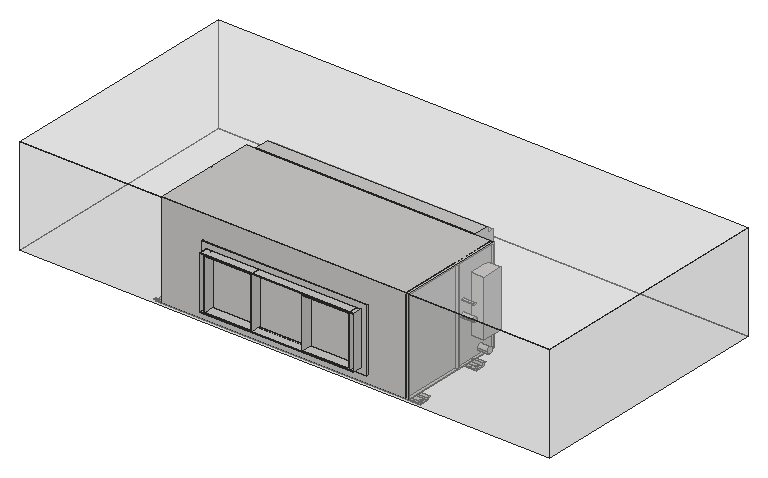
Revit family "outputfile", category 機械設備, Revit 2024
Family settings
  丸型コネクタ寸法 = 半径を使用
  パーツ タイプ = 標準
  OmniClass 番号 = 23.75.10.24.21.27.27
  OmniClass タイトル = Split System Air Conditioning Units
  作業面ベース = いいえ
  常に垂直 = はい
  ロード時にボイドで切り取り = いいえ
  注釈の向きを維持 = いいえ
  共有 = いいえ
  部屋計算ポイント = はい
Parameters (values of type "FDN100HVL")
  Description = ""
  書き出し IFC クラス(タイプ) = "IfcUnitaryEquipmentType"
  定義済み IFC タイプ(タイプ) = "AIRCONDITIONINGUNIT"
  Cost = 0
  Type Comments = ""
  Keynote = ""
  Type Image = (empty or 0)
  Assembly Code = ""
  switch_frequency = yes
  lw_power = 740 mm
  lw_box = 55 mm
  lw_RA = 671 mm
  lh_height_SA = 298 mm
  lh_ld_mountinghole_height = 15 mm
  lh_height_RA = 443 mm
  lh_hangerfixture = 15 mm
  lh_box_top = 99 mm
  lh_box = 316 mm
  lh_SA = 240 mm
  lh_RA = 301.5 mm
  ld_depth_SA = 60 mm
  ld_depth_RA = 127 mm
  ld_box_left = 462.5 mm
  ld_box = 117.5 mm
  connector_voltage = Voltage_60Hz  # 220 V
  connector_powerinput = [Power Input (Cooling)]  # 10.200 kW
  connector_phase = Phase_60Hz  # 1
  URL = ""
  Supply Air Direction [instance] = yes
  製造元 = "Daikin"
  モデル = "FDN100HVL"
  w_pipe = 33 mm
  r_Liquid Pipe Size = Liquid Pipe Size / 2  # 6.35 mm
  r_Gas Pipe Size = Gas Pipe Size / 2  # 12.7 mm
  r_Drain Pipe Size = Drain Pipe Size / 2  # 17.0 mm
  lw_powersupply = 897 mm
  lw_width_RA = 1242 mm
  lw_width_SA = 876 mm
  lh_suctionflange [instance] = 100 mm
  ld_suctionflange [instance] = 190 mm
  ld_powersupply = 220.5 mm
  angle_vertical_RA [instance] = 90.00°
  angle horizontal_RA [instance] = 180.00°
  Voltage_comment_60Hz = "220"
  Voltage_60Hz = 220 V
  Sound Power Level_H speed (dB) = 0
  Phase_60Hz = 1
  Minimum External Static Pressure = 70.00 Pa
  Minimum Circuit Amps_60Hz = 0.0 A
  Maximum Fuse Amps_60Hz = 0.0 A
  Maximum External Static Pressure = 100.00 Pa
  Material_Casing = DAIKIN_GalvanizedSteel_Casing_indoorunit
  lw_liquidpipe = 751 mm
  lw_gaspipe = 751 mm
  lw_mountinghole_pitch = 1462 mm
  lw_mountinghole = 1502 mm
  lw_drainpipe = 741 mm
  lh_powersupply = 138 mm
  lh_liquidpipe = 344 mm
  lh_gaspipe = 264 mm
  lh_mountinghole = 9 mm
  lh_drainpipe = 51 mm
  lh_antena = 1 mm
  ld_liquidpipe = 102.5 mm
  ld_gaspipe = 102.5 mm
  ld_mountinghole_pitch = 394 mm
  ld_drainpipe = 220.5 mm
  ld_controlbox = 626 mm
  h*** = 0 mm  # constant formula
  d_dischargeflange = ld_depth_SA  # 60 mm
  Width = 1402 mm
  Version = "ver.1.0"
  Unit Type = "Duct"
  Unit Mass Weight = 85.00 kg
  Unit Designation [instance] = ""
  Uniclass2015Version = "Products v1.30"
  Uniclass2015Title = "Split coil room air conditioning units"
  Uniclass2015Code = "Pr_70_65_03_86"
  Total Cooling Capacity [instance] = 0.000 kW
  Sound Pressure Level_M speed (dBA) = 54
  Sound Pressure Level_L speed (dBA) = 53
  Sound Pressure Level_H speed (dBA) = 55
  Series = "Package Aircon_Fan Coil Unit"
  Sensible Cooling Capacity [instance] = 0.000 kW
  SA Duct Size Width = 876 mm
  SA Duct Size Height = 298 mm
  Refrigerant Type = "R410A"
  RA Duct Size Width = 1242 mm
  RA Duct Size Height = 443 mm
  Power Input (Cooling) = 10.200 kW
  Option Accessory 3 [instance] = ""
  Option Accessory 2 [instance] = ""
  Option Accessory 1 [instance] = ""
  Nominal Cooling Capacity = 29.308 kW
  Minimum Airflow = 4163.00 m³/h
  Median Airflow = 4757.00 m³/h
  Maximum Airflow = 5097.00 m³/h
  Load Classification = HVAC
  Liquid Pipe Size = 12.7 mm
  Link_Nested Family [instance] = ""
  IfcVersion = ""
  IfcExportType = "AIRCONDITIONINGUNIT"
  IfcExportAs = "IfcUnitaryEquipmentType"
  Height = 553 mm
  Heat Exchanger Type = "Cross Fin Coil"
  Gas Pipe Size = 25.4 mm
  Frequency_60Hz = 60 Hz
  Fan Type = "Sirocco Fan"
  Fan Drive = "-"
  FCU Tag No. [instance] = ""
  Drain Pipe Size = 34.0 mm
  Design Supply Airflow [instance] = 0.00 m³/h
  Design Return Airflow [instance] = 0.00 m³/h
  Design External Static Pressure [instance] = 0.00 Pa
  Depth = 605 mm
  既定の高さ = 0 mm
  Cooling Entering Wet Bulb Temperature [instance] = 0.00 °C
  Cooling Entering Dry Bulb Temperature [instance] = 0.00 °C
  Cooling Ambient Wet Bulb Temperature [instance] = 0.00 °C
  Cooling Ambient Dry Bulb Temperature [instance] = 0.00 °C
  Clearance visibility [instance] = yes
  Clearance Top = 0 mm
  Clearance Right = 800 mm
  Clearance Rear = 800 mm
  Clearance Left = 800 mm
  Clearance Front = 0 mm
  Clearance Bottom = 0 mm
Reference planes
  plane 1 "Center (Front/Back)": y = 0
  plane 2: z = 0
  plane 3 "Center (Left/Right)": x = 0
  plane 4 "Back": y = 302.5
  plane 5 "Front": y = -302.5
  plane 6 "Left": x = -701
  plane 7 "Right": x = 701
  plane 8 "Top": z = 0
  plane 9 "Bottom": z = -553
  plane 10: z = -209
  plane 11: z = -289
  plane 12: x = -731
  plane 13: x = 731
  plane 14: x = 751
  plane 15: x = 751
  plane 16: z = -544
  plane 17 "Clearance Left": x = -1501
  plane 18 "Clearance Right": x = 1501
  plane 19 "Clearance Rear": y = 1102.5
  plane 20 "Clearance Front": y = -302.5
  plane 21 "Clearance Bottom": z = -553
  plane 22: z = -502
  plane 23 "ld_gas": y = 102.5
  plane 24: y = 102.5
  plane 25: y = -30
  plane 26: y = 220.5
  plane 27: y = 112.5
  plane 28: x = 741
  plane 29: y = 139.5
  plane 30: y = -254.5
  plane 31: y = -362.5
  plane 32: y = 429.5
  plane 33 "Clearance Top": z = 0
  plane 34: z = -415
  plane 35: y = 220.5
  plane 36 "hangerfixture": z = -538
  plane 37 "lh_SA": z = -313
  plane 38 "lh_RA": z = -251.5
  plane 39 "RA_center": x = -30
  plane 40: x = 680
  plane 41: x = 756
  plane 42: y = 160
  plane 43: y = 180
  plane 44: y = 257.5
  plane 45: y = 277.5
  plane 46 "box_bottom": z = -415
  plane 47 "box_top": z = -99
  plane 48 "lw_power": x = 740
  plane 49: y = -300.7
  plane 50: z = -2.3
  plane 51: z = -536.7
  plane 52: y = 301.5
  plane 53: y = -300.7
  plane 54: z = -2.3
  plane 55: z = -536.7
  plane 56: y = 301.5
Forms (mm)
  Extrusion 1, solid, material "DAIKIN_GalvanizedSteel_Casing_indoorunit" <- "Material_Casing"
    sketch origin (0, -0.8, 0) x (1, 0, 0) y (0, 1, 0)
      loop
        line (-701, -301.7) -> (701, -301.7) -> (701, 303.3) -> (-701, 303.3) -> (-701, -301.7)
    from -538 to 0
  Revolve 2, solid, material "DAIKIN_GalvanizedSteel_Casing_indoorunit" <- "Material_Casing"
    sketch origin (0, 0, -289) x (0, -1, 0) y (1, 0, 0)
      loop
        line (-89.8, 681.5) -> (-89.8, 751) -> (-102.5, 751) -> (-102.5, 681.5) -> (-89.8, 681.5)
      axis (-102.5, 681.5) -> (-102.5, 751)
    angle from 0 to 360
  Revolve 3, solid, material "DAIKIN_GalvanizedSteel_Casing_indoorunit" <- "Material_Casing"
    sketch origin (0, 0, -209) x (0, -1, 0) y (1, 0, 0)
      loop
        line (-102.5, 681.5) -> (-102.5, 751) -> (-108.85, 751) -> (-108.85, 681.5) -> (-102.5, 681.5)
      axis (-102.5, 751) -> (-102.5, 681.5)
    angle from 0 to 360
  Extrusion 4, solid, material "DAIKIN_GalvanizedSteel_Casing_indoorunit" <- "Material_Casing"
    sketch origin (0, 0, 0) x (0, 1, 0) y (0, 0, 1)
      loop
        circle (220.5, -502) r 17
    from 741 to 681.5
  Extrusion 5, solid, material "DAIKIN_GalvanizedSteel_Casing_indoorunit" <- "Material_Casing"
    sketch origin (0, 0, 0) x (1, 0, 0) y (0, 1, 0)
      loop
        line (680, 160) -> (756, 160) -> (756, 277.5) -> (680, 277.5) -> (680, 160)
    from -415 to -99
  Extrusion 6, void
    sketch origin (701, 0, 0) x (0, 1, 0) y (0, 0, 1)
      loop
        line (-300.7, -2.3) -> (-300.7, -536.7) -> (50.7, -536.7) -> (50.7, -2.3) -> (-300.7, -2.3)
      loop
        line (301.5, -536.7) -> (301.5, -2.3) -> (52.5, -2.3) -> (52.5, -536.7) -> (301.5, -536.7)
    from 0 to -19.5
  Extrusion 7, void
    sketch origin (-701, 0, 0) x (0, 1, 0) y (0, 0, 1)
      loop
        line (-300.7, -2.3) -> (-300.7, -536.7) -> (50.7, -536.7) -> (50.7, -2.3) -> (-300.7, -2.3)
      loop
        line (301.5, -536.7) -> (301.5, -2.3) -> (52.5, -2.3) -> (52.5, -536.7) -> (301.5, -536.7)
    from 0 to 19.5
Cuts and joins
  Extrusion 6, Extrusion 7 cuts Extrusion 1
  Extrusion 7 cuts Extrusion 5
  joined: Extrusion 1, Extrusion 5
Dimensions and locks
  equal spacing: plane 12, plane 3 "Center (Left/Right)", plane 13
  "lw_mountinghole_pitch": plane 12 to plane 13
  "lh_liquidpipe": plane 10 to plane 9 "Bottom"
  "lh_gaspipe": plane 11 to plane 9 "Bottom"
  equal spacing: plane 6 "Left", plane 3 "Center (Left/Right)", plane 7 "Right"
  "Width": plane 6 "Left" to plane 7 "Right"
  "Clearance Right": plane 7 "Right" to plane 18 "Clearance Right"
  "Clearance Left": plane 17 "Clearance Left" to plane 6 "Left"
  "Clearance Rear": plane 19 "Clearance Rear" to plane 4 "Back"
  "Clearance Front": plane 5 "Front" to plane 20 "Clearance Front"
  "Depth": plane 4 "Back" to plane 5 "Front"
  equal spacing: plane 4 "Back", plane 1 "Center (Front/Back)", plane 5 "Front"
  "ld_suctionflange": plane 4 "Back" to plane 27
  "r_Liquid Pipe Size": nested 5 to Revolve 3 sketch curve
  "ld_mountinghole_pitch": plane 29 to plane 30
  "lw_liquidpipe": plane 3 "Center (Left/Right)" to plane 14
  "lw_gaspipe": plane 3 "Center (Left/Right)" to plane 15
  "lw_drainpipe": plane 3 "Center (Left/Right)" to plane 28
  "lh_drainpipe": plane 22 to plane 9 "Bottom"
  "Clearance Top": plane 33 "Clearance Top" to plane 8 "Top"
  "Clearance Bottom": plane 9 "Bottom" to plane 21 "Clearance Bottom"
  "lh_powersupply": plane 34 to plane 9 "Bottom"
  level to plane 8 "Top" = 0 mm
  "lh_hangerfixture": plane 36 "hangerfixture" to plane 9 "Bottom"
  "lh_SA": plane 37 "lh_SA" to plane 9 "Bottom"
  "ld_depth_SA": plane 5 "Front" to plane 31
  "ld_depth_RA": plane 32 to plane 4 "Back"
  "lh_RA": plane 38 "lh_RA" to plane 9 "Bottom"
  "lw_RA": plane 6 "Left" to plane 39 "RA_center"
  "ld_box_left": plane 42 to plane 5 "Front"
  "ld_box": plane 45 to plane 42
  locked: plane 43 to plane 42 at 20
  locked: plane 45 to plane 44 at 20
  "lw_box": plane 7 "Right" to plane 41
  "lh_box": plane 47 "box_top" to plane 46 "box_bottom"
  "lw_power": plane 3 "Center (Left/Right)" to plane 48 "lw_power"
  "ld_drainpipe": plane 26 to plane 1 "Center (Front/Back)"
  "ld_gaspipe": plane 23 "ld_gas" to plane 1 "Center (Front/Back)"
  "r_Gas Pipe Size": plane 23 "ld_gas" to Revolve 2 sketch curve
  "ld_liquidpipe": plane 24 to plane 1 "Center (Front/Back)"
  plane 30 to plane 1 "Center (Front/Back)" = 254.5 mm
  locked: plane 40 to plane 7 "Right" at 21
  plane 5 "Front" to plane 49 = 1.8 mm
  plane 8 "Top" to plane 50 = 2.3 mm
  plane 36 "hangerfixture" to plane 51 = 1.3 mm
  plane 52 to plane 4 "Back" = 1 mm
  "ld_powersupply": plane 35 to plane 1 "Center (Front/Back)"
  "lh_mountinghole": plane 16 to plane 9 "Bottom"
  "lh_box_top": plane 8 "Top" to plane 47 "box_top"
  "Height": plane 8 "Top" to plane 9 "Bottom"
  "r_Drain Pipe Size": radius of Extrusion 4 sketch curve
  aligned and locked: level to plane 2
  aligned and locked: plane 8 "Top" to Extrusion 1
  aligned and locked: Revolve 2 sketch curve to Revolve 2 sketch curve
  aligned and locked: plane 14 to nested 5
  aligned and locked: nested 5 to plane 10
  aligned and locked: plane 13 to nested 2
  aligned and locked: plane 12 to nested 3
  aligned and locked: plane 12 to nested 4
  aligned and locked: nested 6 to plane 11
  aligned and locked: plane 23 "ld_gas" to nested 6
  aligned and locked: plane 24 to nested 5
  aligned and locked: Extrusion 4 sketch curve to plane 26
  aligned and locked: nested 11 to plane 19 "Clearance Rear"
  aligned and locked: plane 18 "Clearance Right" to nested 11
  aligned and locked: plane 17 "Clearance Left" to nested 11
  aligned and locked: nested 11 to plane 20 "Clearance Front"
  aligned and locked: plane 28 to Extrusion 4
  aligned and locked: plane 15 to nested 6
  aligned and locked: plane 13 to nested 1
  aligned and locked: plane 26 to nested 7
  aligned and locked: nested 7 to plane 22
  aligned and locked: nested 7 to plane 28
  aligned and locked: nested 9 to plane 1 "Center (Front/Back)"
  aligned and locked: plane 3 "Center (Left/Right)" to nested 9
  aligned and locked: plane 29 to nested 1
  aligned and locked: plane 30 to nested 2
  aligned and locked: nested 4 to plane 29
  aligned and locked: nested 3 to plane 30
  aligned and locked: nested 10 to plane 4 "Back"
  aligned and locked: nested 8 to plane 31
  aligned and locked: plane 32 to nested 14
  aligned and locked: plane 3 "Center (Left/Right)" to nested 13
  aligned and locked: nested 11 to plane 33 "Clearance Top"
  aligned and locked: nested 11 to plane 21 "Clearance Bottom"
  aligned and locked: nested 12 to plane 9 "Bottom"
  aligned and locked: plane 36 "hangerfixture" to Extrusion 1
  aligned and locked: plane 37 "lh_SA" to nested 8
  aligned and locked: Extrusion 1 to plane 5 "Front"
  aligned and locked: nested 13 to plane 31
  aligned and locked: plane 37 "lh_SA" to nested 13
  aligned and locked: Extrusion 1 to plane 4 "Back"
  aligned and locked: plane 38 "lh_RA" to nested 10
  aligned and locked: nested 14 to plane 38 "lh_RA"
  aligned and locked: plane 39 "RA_center" to nested 10
  aligned and locked: nested 14 to plane 39 "RA_center"
  aligned and locked: plane 45 to Extrusion 5 sketch curve
  aligned and locked: plane 41 to Extrusion 5 sketch curve
  aligned and locked: Extrusion 5 sketch curve to plane 42
  aligned and locked: plane 47 "box_top" to Extrusion 5
  aligned and locked: Extrusion 5 to plane 46 "box_bottom"
  aligned and locked: plane 14 to nested 16
  aligned and locked: nested 6 to plane 15
  aligned and locked: nested 15 to plane 35
  aligned and locked: Revolve 2 sketch curve to plane 23 "ld_gas"
  aligned and locked: plane 23 "ld_gas" to nested 17
  aligned and locked: plane 24 to nested 16
  aligned and locked: nested 12 to plane 30
  aligned and locked: Extrusion 5 sketch curve to plane 40
  aligned and locked: Extrusion 6 sketch curve to plane 50
  aligned and locked: Extrusion 6 sketch curve to plane 49
  aligned and locked: Extrusion 6 sketch curve to plane 51
  aligned and locked: Extrusion 6 sketch curve to plane 52
  aligned and locked: Extrusion 7 sketch curve to plane 54
  aligned and locked: Extrusion 7 sketch curve to plane 53
  aligned and locked: Extrusion 7 sketch curve to plane 55
  aligned and locked: Extrusion 7 sketch curve to plane 56
  aligned and locked: cut or joined group of Extrusion 1, Extrusion 5, Extrusion 6, Extrusion 7 to Revolve 3
  aligned and locked: Revolve 2 to cut or joined group of Extrusion 1, Extrusion 5, Extrusion 6, Extrusion 7
  aligned and locked: Extrusion 4 to Revolve 2
  aligned and locked: nested 15 to plane 48 "lw_power"
  aligned and locked: nested 15 to plane 34
  aligned and locked: level to plane 8 "Top"
  aligned and locked: plane 55 to cut or joined group of Extrusion 1, Extrusion 5, Extrusion 6, Extrusion 7
  aligned and locked: plane 54 to cut or joined group of Extrusion 1, Extrusion 5, Extrusion 6, Extrusion 7
Automatic sketch dimensions
  Extrusion 1 sketch curve to plane 4 "Back" = 0 mm
  Extrusion 1 sketch curve to plane 6 "Left" = 0 mm
  Extrusion 1 sketch curve to plane 5 "Front" = 0 mm
  Extrusion 1 sketch curve to plane 7 "Right" = 0 mm
  Revolve 3 sketch curve to plane 23 "ld_gas" = 0 mm  (x2)
  Revolve 3 sketch curve to plane 14 = 0 mm  (x2)
  Revolve 3 sketch curve to Revolve 3 sketch curve = 69.5 mm
  Revolve 3 sketch curve to Revolve 3 sketch curve = 22 mm
  Extrusion 4 sketch curve to plane 22 = 0 mm
  plane 51 to Extrusion 6 sketch curve = 0 mm
  Extrusion 6 sketch curve to plane 50 = 0 mm
  Extrusion 6 sketch curve to plane 1 "Center (Front/Back)" = 50.7 mm
  Extrusion 6 sketch curve to Extrusion 6 sketch curve = 1.8 mm
  plane 55 to Extrusion 7 sketch curve = 0 mm
  Extrusion 7 sketch curve to plane 54 = 0 mm
  Extrusion 7 sketch curve to plane 1 "Center (Front/Back)" = 50.7 mm
  Extrusion 7 sketch curve to Extrusion 7 sketch curve = 1.8 mm
  Revolve 2 sketch curve to plane 14 = 0 mm
  Revolve 2 sketch curve to plane 7 "Right" = 19.5 mm
  plane 7 "Right" to Revolve 2 sketch curve = 2.003 mm
  plane 14 to Revolve 2 sketch curve = 1.003 mm
Nested families
  nested 1: "daikin_mountinghole" at (731, 139.5, -553), Link_Nested Family <- "Link_Nested Family", h_mountinghole <- "lh_mountinghole", l_antenna <- "lh_antena", type "daikin_mountinghole"
    with show yes, l_antenna 1 mm, h_mountinghole 9 mm, Link_Nested Family "", d_circle 23 mm
  nested 2: "daikin_mountinghole" at (731, -254.5, -553), Link_Nested Family <- "Link_Nested Family", h_mountinghole <- "lh_mountinghole", l_antenna <- "lh_antena", type "daikin_mountinghole"
    with show yes, l_antenna 1 mm, h_mountinghole 9 mm, Link_Nested Family "", d_circle 23 mm
  nested 3: "daikin_mountinghole" at (-731, -254.5, -553), Link_Nested Family <- "Link_Nested Family", h_mountinghole <- "lh_mountinghole", l_antenna <- "lh_antena", type "daikin_mountinghole"
    with show yes, l_antenna 1 mm, h_mountinghole 9 mm, Link_Nested Family "", d_circle 23 mm
  nested 4: "daikin_mountinghole" at (-731, 139.5, -553), Link_Nested Family <- "Link_Nested Family", h_mountinghole <- "lh_mountinghole", l_antenna <- "lh_antena", type "daikin_mountinghole"
    with show yes, l_antenna 1 mm, h_mountinghole 9 mm, Link_Nested Family "", d_circle 23 mm
  nested 5: "daikin_connector_rotate2" at (0, 102.5, -209) x (0, 1, 0) z (0, 0, 1), length <- "lw_liquidpipe", built-in parameter 1001364 <- "lh_liquidpipe", radius <- "r_Liquid Pipe Size", type "daikin_connector_rotate2"
    with radius 6.35 mm, length 751 mm, angle_vertical 90.00°
  nested 6: "daikin_connector_rotate2" at (0, 102.5, -289) x (0, 1, 0) z (0, 0, 1), length <- "lw_gaspipe", built-in parameter 1001364 <- "lh_gaspipe", radius <- "r_Gas Pipe Size", type "daikin_connector_rotate2"
    with radius 12.7 mm, length 751 mm, angle_vertical 90.00°
  nested 7: "daikin_connector_rotate2" at (0, 220.5, -502) x (0, 1, 0) z (0, 0, 1), built-in parameter 1001364 <- "lh_drainpipe", length <- "lw_drainpipe", radius <- "r_Drain Pipe Size", type "daikin_connector_rotate2"
    with radius 17 mm, length 741 mm, angle_vertical 90.00°
  nested 8: "daikin_connector_rotate2" at (0, -302.5, -313), length <- "d_dischargeflange", type "daikin_connector_rotate2"
    with radius 10 mm, length 60 mm, angle_vertical 90.00°
  nested 9: "daikin_△_symbolicline" at (-75, -129.904, 553) x (-0.5, 0.866, 0) z (0, 0, 1), built-in parameter 1001364 <- "Height", visible <- "Supply Air Direction", type "daikin_△_symbolicline"
    with length 300 mm
  nested 10: "daikin_ductflange_FDN-HVL" at (-30, 302.5, -251.5), material <- "Material_Casing", width <- "lw_width_RA", height <- "lh_height_RA", depth <- "ld_depth_RA", type "daikin_ductflange_FDN-HVL"
    with width 1242 mm, material DAIKIN_GalvanizedSteel_Casing_indoorunit, height 443 mm, depth 127 mm
  nested 11: "daikin_clearancespace" at (0, 400, -276.381), visible <- "Clearance visibility", show <- "Clearance visibility", Link_Nested Family <- "Link_Nested Family", type "daikin_clearancespace"
    with width 3002 mm, show yes, height 553 mm, depth 1405 mm, Link_Nested Family ""
  nested 12: "daikin_hangerfixture_FDN-HVL" at (0, -57.5, -553), type "daikin_hangerfixture_FDN-HVL"
  nested 13: "daikin_ductflange_FDN-HVL_1" at (0, -302.5, -502.401), width <- "lw_width_SA", material <- "Material_Casing", height <- "lh_height_SA", depth <- "ld_depth_SA", type "daikin_ductflange_FDN-HVL_1"
    with width 876 mm, t 0.8 mm, material DAIKIN_GalvanizedSteel_Casing_indoorunit, height 298 mm, depth 60 mm
  nested 14: "daikin_connector_rotate2" at (-30, 302.5, -251.5) x (-1, 0, 0) z (0, 0, 1), length <- "ld_depth_RA", type "daikin_connector_rotate2"
    with radius 10 mm, length 127 mm, angle_vertical 90.00°
  nested 15: "daikin_connector_rotate2" at (740, 220.5, -99) x (0, 1, 0) z (1, 0, 0), length <- "lh_box", type "daikin_connector_rotate2"
    with radius 10 mm, length 316 mm, angle_vertical 90.00°
  nested 16: "daikin_connector_rotate2" at (0, 102.5, 344) x (0, 1, 0) z (0, 0, 1), length <- "lw_liquidpipe", built-in parameter 1001364 <- "lh_liquidpipe", radius <- "r_Liquid Pipe Size", type "daikin_connector_rotate2"
    with radius 6.35 mm, length 751 mm, angle_vertical 90.00°
  nested 17: "daikin_connector_rotate2" at (0, 102.5, 264) x (0, 1, 0) z (0, 0, 1), length <- "lw_gaspipe", built-in parameter 1001364 <- "lh_gaspipe", radius <- "r_Gas Pipe Size", type "daikin_connector_rotate2"
    with radius 12.7 mm, length 751 mm, angle_vertical 90.00°
Connectors
  piping at (751, 102.5, -289), diameter 25.4, driven by "r_Gas Pipe Size"
    settings: on nested 6, index 1, connector inside diameter 609.6 mm, connector length 0 mm, flow factor 0, pipe flow 0.00 m³/h, pressure drop 0.0 Pa, fitting loss kfactor 0, connector angle 0.00°, fixture units 0, engagement length 0 mm, angle of deflection 0.00°, flow configuration 1, flow direction 2, fitting loss method 0, system type 29, joint type 0, gender type 0, connector reference index -1, connector utility 0, adjustable connector no, is connector primary yes, connector description "Refrigerant Gas Piping"
  piping at (751, 102.5, -209), diameter 12.7, driven by "r_Liquid Pipe Size"
    settings: on nested 5, index 2, connector inside diameter 609.6 mm, connector length 0 mm, flow factor 0, pipe flow 0.00 m³/h, pressure drop 0.0 Pa, fitting loss kfactor 0, connector angle 0.00°, fixture units 0, engagement length 0 mm, angle of deflection 0.00°, flow configuration 1, flow direction 1, fitting loss method 0, system type 29, joint type 0, gender type 0, connector reference index -1, connector utility 0, adjustable connector no, is connector primary no, connector description "Refrigerant Liquid Piping"
  piping at (741, 220.5, -502), diameter 34, driven by "r_Drain Pipe Size"
    settings: on nested 7, index 3, connector inside diameter 609.6 mm, connector length 0 mm, flow factor 0, pipe flow 0.00 m³/h, pressure drop 0.0 Pa, fitting loss kfactor 0, connector angle 0.00°, fixture units 0, engagement length 0 mm, angle of deflection 0.00°, flow configuration 1, flow direction 2, fitting loss method 4, system type 16, joint type 0, gender type 0, connector reference index -1, connector utility 0, adjustable connector no, is connector primary no, connector description "Condensate Drain Piping"
  hvac at (0, -362.5, -313), driven by "SA Duct Size Height", driven by "SA Duct Size Width"
    settings: on nested 8, index 7, duct flow 0.00 m³/h, flow factor 0, pres drop 0.00 Pa, loss coef 0, conn angle 0.00°, conn width 876.0 mm, conn height 298.0 mm, conn diameter 609.6 mm, duct sys type 1, conn prof type 1, flow config 0, flow direction 2, loss method 4, conn ref index -1, conn util no, is conn primary yes, conn desc "SA Duct"
  hvac at (-30, 429.5, -251.5), driven by "RA Duct Size Width", driven by "RA Duct Size Height"
    settings: on nested 14, index 8, duct flow 0.00 m³/h, flow factor 0, pres drop 0.00 Pa, loss coef 0, conn angle 0.00°, conn width 1242.0 mm, conn height 443.0 mm, conn diameter 609.6 mm, duct sys type 2, conn prof type 1, flow config 0, flow direction 1, loss method 4, conn ref index -1, conn util no, is conn primary no, conn desc "RA Duct"
  electrical at (740, 220.5, -415), driven by "Load Classification", driven by "connector_phase", driven by "connector_powerinput", driven by "connector_voltage"
    settings: on nested 15, index 9, voltage 220 V, apparent load 10200 VA, apparent load phase1 0 VA, apparent load phase2 0 VA, apparent load phase3 0 VA, power factor 1, load classification "HVAC", number of poles 1, system type 30, power factor state 1, is connector primary yes, connector utility no, sub classification motor no, connector description "Power Supply"
Definition of nested family "daikin_ductflange_FDN-HVL"
  Parameters (values of type "daikin_ductflange_2FDN-HTL")
    width [instance] = 1242 mm
    material [instance] = none
    height [instance] = 747 mm
    depth [instance] = 127 mm
    Default Elevation = 0 mm
  Reference planes
    plane 1 "Center (Front/Back)": y = 0
    plane 2: z = 0
    plane 3 "Center (Left/Right)": x = 0
    plane 4: x = -621
    plane 5: x = 621
    plane 6: z = 373.5
    plane 7: z = -373.5
    plane 8: y = 88.5
    plane 9: y = 127
    plane 10: x = -611
    plane 11: x = 611
    plane 12: z = -363.5
    plane 13: z = 363.5
    plane 14: x = -621
    plane 15: x = 621
    plane 16: z = 403.5
    plane 17: z = -403.5
  Forms (mm)
    Extrusion 1, solid, material <- "material"
      sketch origin (0, 0, 0) x (1, 0, 0) y (0, 0, 1)
        loop
          line (-621, 403.5) -> (-621, -403.5) -> (621, -403.5) -> (621, 403.5) -> (-621, 403.5)
        loop
          line (-611, 363.5) -> (-611, -363.5) -> (611, -363.5) -> (611, 363.5) -> (-611, 363.5)
      from 0 to -88.5
    Extrusion 2, solid, material <- "material"
      sketch origin (0, 0, 0) x (1, 0, 0) y (0, 0, 1)
        loop
          line (-621, 373.5) -> (-621, -373.5) -> (621, -373.5) -> (621, 373.5) -> (-621, 373.5)
        loop
          line (611, 363.5) -> (-611, 363.5) -> (-611, -363.5) -> (611, -363.5) -> (611, 363.5)
      from -127 to -88.5
  Cuts and joins
    joined: Extrusion 1, Extrusion 2
  Dimensions and locks
    equal spacing: plane 5, plane 3 "Center (Left/Right)", plane 4
    "width": plane 5 to plane 4
    equal spacing: plane 6, level, plane 7
    "height": plane 6 to plane 7
    plane 1 "Center (Front/Back)" to plane 8 = 88.5 mm
    "depth": plane 1 "Center (Front/Back)" to plane 9
    locked: plane 6 to plane 13 at 10
    locked: plane 12 to plane 7 at 10
    locked: plane 5 to plane 11 at 10
    locked: plane 10 to plane 4 at 10
    plane 4 to plane 14 = 0 mm
    plane 15 to plane 5 = 0 mm
    locked: plane 16 to plane 6 at 30
    plane 7 to plane 17 = 30 mm
    aligned and locked: level to plane 2
    aligned and locked: Extrusion 1 to plane 8
    aligned and locked: plane 1 "Center (Front/Back)" to Extrusion 1
    aligned and locked: Extrusion 2 to plane 9
    aligned and locked: Extrusion 2 to Extrusion 1
    aligned and locked: plane 13 to Extrusion 2 sketch curve
    aligned and locked: plane 11 to Extrusion 2 sketch curve
    aligned and locked: Extrusion 2 sketch curve to plane 12
    aligned and locked: Extrusion 2 sketch curve to plane 10
    aligned and locked: Extrusion 1 sketch curve to plane 16
    aligned and locked: plane 14 to Extrusion 1 sketch curve
    aligned and locked: plane 17 to Extrusion 1 sketch curve
    aligned and locked: Extrusion 1 sketch curve to plane 15
  Automatic sketch dimensions
    Extrusion 2 sketch curve to plane 4 = 0 mm
    Extrusion 2 sketch curve to plane 5 = 0 mm
    Extrusion 2 sketch curve to plane 7 = 0 mm
    Extrusion 2 sketch curve to plane 6 = 0 mm
    plane 4 to Extrusion 1 sketch curve = 10 mm
    Extrusion 1 sketch curve to plane 5 = 10 mm
    plane 7 to Extrusion 1 sketch curve = 10 mm
    Extrusion 1 sketch curve to plane 6 = 10 mm
Definition of nested family "daikin_clearancespace"
  Parameters (values of type "daikin_clearancespace")
    Description = "daikin_clearancespace"
    width [instance] = 1823.963 mm
    show [instance] = yes
    material = none
    height [instance] = 1359.762 mm
    depth [instance] = 880 mm
    Default Elevation = 0 mm
    Link_Nested Family [instance] = ""
  Reference planes
    plane 1 "Center (Front/Back)": y = 0
    plane 2 "Center (Elevation)": z = -0.119
    plane 3 "Center (Left/Right)": x = 0
    plane 4: y = 440
    plane 5: y = -440
    plane 6 "Right": x = 911.982
    plane 7 "Left": x = -911.982
    plane 8 "Top": z = 679.762
    plane 9 "Bottom": z = -680
  Forms (mm)
    Extrusion 1, solid, material <- "material", visible <- "show"
      sketch origin (0, 0, 0) x (1, 0, 0) y (0, 1, 0)
        loop
          line (-911.982, 440) -> (-911.982, -440) -> (911.982, -440) -> (911.982, 440) -> (-911.982, 440)
      from -680 to 679.762
  Lines and regions (mm)
    symbolic lines, visible <- "show"
      curve 1: line (911.982, 440, 0) -> (-911.982, 440, 0)
      curve 2: line (-911.982, 440, 0) -> (-911.982, -440, 0)
      curve 3: line (-911.982, -440, 0) -> (911.982, -440, 0)
      curve 4: line (911.982, -440, 0) -> (911.982, 440, 0)
      curve 5: line (911.982, 0, 679.762) -> (-911.982, 0, 679.762)
      curve 6: line (911.982, 0, -680) -> (911.982, 0, 679.762)
      curve 7: line (-911.982, 0, -680) -> (911.982, 0, -680)
      curve 8: line (-911.982, 0, 679.762) -> (-911.982, 0, -680)
      curve 9: line (0, 440, 679.762) -> (0, -440, 679.762)
      curve 10: line (0, -440, 679.762) -> (0, -440, -680)
      curve 11: line (0, 440, -680) -> (0, 440, 679.762)
      curve 12: line (0, -440, -680) -> (0, 440, -680)
  Dimensions and locks
    "width": plane 7 "Left" to plane 6 "Right"
    "depth": plane 4 to plane 5
    "height": plane 8 "Top" to plane 9 "Bottom"
    equal spacing: plane 7 "Left", plane 3 "Center (Left/Right)", plane 6 "Right"
    equal spacing: plane 4, plane 1 "Center (Front/Back)", plane 5
    equal spacing: plane 8 "Top", plane 2 "Center (Elevation)", plane 9 "Bottom"
    aligned and locked: level to plane 2 "Center (Elevation)"
    aligned and locked: Extrusion 1 sketch curve to plane 4
    aligned and locked: plane 7 "Left" to Extrusion 1 sketch curve
    aligned and locked: Extrusion 1 sketch curve to plane 5
    aligned and locked: Extrusion 1 sketch curve to plane 6 "Right"
    aligned and locked: plane 8 "Top" to Extrusion 1
    aligned and locked: curve 1 to Extrusion 1
    aligned and locked: curve 2 to Extrusion 1
    aligned and locked: curve 3 to Extrusion 1
    aligned and locked: curve 4 to Extrusion 1
    aligned and locked: curve 5 to Extrusion 1
    aligned and locked: curve 6 to Extrusion 1
    aligned and locked: curve 7 to Extrusion 1
    aligned and locked: curve 8 to Extrusion 1
    aligned and locked: curve 9 to Extrusion 1
    aligned and locked: curve 10 to Extrusion 1
    aligned and locked: curve 11 to Extrusion 1
    aligned and locked: curve 12 to Extrusion 1
    aligned and locked: Extrusion 1 to plane 9 "Bottom"
Definition of nested family "daikin_hangerfixture_FDN-HVL"
  Parameters (values of type "daikin_hangerfixture_2FDN-HTL")
    width = 1462 mm
    material = none
    height = 15 mm
    e = 38 mm
    depth = 394 mm
    Default Elevation = 0 mm
    G = 1502 mm
    E = 50 mm
  Reference planes
    plane 1 "Center (Front/Back)": y = 0
    plane 2: z = 0
    plane 3 "Center (Left/Right)": x = 0
    plane 4: x = 731
    plane 5: x = -731
    plane 6: z = 15
    plane 7: y = 197
    plane 8: y = -197
    plane 9: x = -751
    plane 10: x = 751
    plane 11: y = 235
    plane 12: y = -235
  Forms (mm)
    Extrusion 1, solid
      sketch origin (0, 0, 0) x (0, 1, 0) y (0, 0, 1)
        loop
          line (-174, 15) -> (-174, 1.5) -> (-220, 1.5) -> (-220, 15) -> (-235, 15) -> (-235, 13.5) -> (-221.5, 13.5) -> (-221.5, 0) -> (-172.5, 0) -> (-172.5, 13.5) -> (-159, 13.5) -> (-159, 15) -> (-174, 15)
        loop
          line (220, 15) -> (220, 1.5) -> (174, 1.5) -> (174, 15) -> (159, 15) -> (159, 13.5) -> (172.5, 13.5) -> (172.5, 0) -> (221.5, 0) -> (221.5, 13.5) -> (235, 13.5) -> (235, 15) -> (220, 15)
      from -751 to 751
    Extrusion 2, void
      sketch origin (0, 0, 0) x (1, 0, 0) y (0, 1, 0)
        loop
          circle (-731, 197) r 7.5
        loop
          circle (-731, -197) r 7.5
        loop
          circle (731, -197) r 7.5
        loop
          circle (731, 197) r 7.5
      from 0 to 9
  Cuts and joins
    Extrusion 2 cuts Extrusion 1
  Dimensions and locks
    "width": plane 5 to plane 4
    equal spacing: plane 5, plane 3 "Center (Left/Right)", plane 4
    "depth": plane 8 to plane 7
    equal spacing: plane 8, plane 1 "Center (Front/Back)", plane 7
    "height": plane 6 to level
    "e": plane 7 to plane 11
    "e": plane 12 to plane 8
    equal spacing: Extrusion 1 sketch curve, plane 8, Extrusion 1 sketch curve  (x2)
    "e": Extrusion 1 sketch curve to plane 8 to Extrusion 1 sketch curve
    Extrusion 1 sketch curve to level = 1.5 mm
    equal spacing: plane 9, plane 3 "Center (Left/Right)", plane 10
    "G": plane 9 to plane 10
    locked: Extrusion 1 sketch curve to level at 1.5
    equal spacing: Extrusion 1 sketch curve, plane 7, Extrusion 1 sketch curve  (x2)
    "e": Extrusion 1 sketch curve to plane 7 to Extrusion 1 sketch curve
    aligned and locked: level to plane 2
    aligned and locked: plane 6 to Extrusion 1 sketch curve  (x2)
    aligned and locked: Extrusion 1 sketch curve to level  (x2)
    aligned and locked: Extrusion 1 to plane 9
    aligned and locked: plane 10 to Extrusion 1
    aligned and locked: plane 7 to Extrusion 2 sketch curve  (x2)
    aligned and locked: plane 5 to Extrusion 2 sketch curve  (x2)
    aligned and locked: plane 8 to Extrusion 2 sketch curve  (x2)
    aligned and locked: plane 4 to Extrusion 2 sketch curve  (x2)
  Automatic sketch dimensions
    Extrusion 1 sketch curve to plane 6 = 0 mm  (x2)
    Extrusion 1 sketch curve to plane 6 = 1.5 mm  (x4)
    Extrusion 1 sketch curve to plane 12 = 13.5 mm
    Extrusion 1 sketch curve to Extrusion 1 sketch curve = 1.5 mm  (x2)
    Extrusion 1 sketch curve to Extrusion 1 sketch curve = 13.5 mm
    radius of Extrusion 2 sketch curve = 7.5 mm  (x4)
Definition of nested family "daikin_ductflange_FDN-HVL_1"
  Parameters (values of type "daikin_ductflange_2FDN-HTL_1")
    width [instance] = 876 mm
    t [instance] = 0.8 mm
    material [instance] = none
    height [instance] = 298 mm
    depth [instance] = 60 mm
    Default Elevation = 0 mm
  Reference planes
    plane 1 "Center (Front/Back)": y = 0
    plane 2: z = 189.401
    plane 3 "Center (Left/Right)": x = 0
    plane 4: y = 0
    plane 5: y = -60
    plane 6: y = -9
    plane 7: z = 338.401
    plane 8: z = 40.401
    plane 9: x = -437.2
    plane 10: x = 437.2
    plane 11: x = -438
    plane 12: x = 438
    plane 13: z = 337.601
    plane 14: z = 41.201
    plane 15: x = -467.2
    plane 16: z = 367.601
    plane 17: z = 11.201
    plane 18: x = 467.2
    plane 19: x = 141
    plane 20: x = -141
    plane 21: x = -412
    plane 22: x = 412
    plane 23: z = 335.401
    plane 24: z = 43.401
  Forms (mm)
    Extrusion 1, solid, material <- "material"
      sketch origin (0, 0, 0) x (1, 0, 0) y (0, 0, 1)
        loop
          line (-438, 338.401) -> (-438, 40.401) -> (438, 40.401) -> (438, 338.401) -> (-438, 338.401)
        loop
          line (-437.2, 337.601) -> (-437.2, 41.201) -> (437.2, 41.201) -> (437.2, 337.601) -> (-437.2, 337.601)
      from 9 to 60
    Extrusion 2, solid, material <- "material"
      sketch origin (0, 0, 0) x (1, 0, 0) y (0, 0, 1)
        loop
          line (-467.2, 367.601) -> (-467.2, 11.201) -> (467.2, 11.201) -> (467.2, 367.601) -> (-467.2, 367.601)
        loop
          line (-437.2, 337.601) -> (-437.2, 41.201) -> (437.2, 41.201) -> (437.2, 337.601) -> (-437.2, 337.601)
      from 0 to 9
    Extrusion 3, solid, material <- "material"
      sketch origin (0, 0, 0) x (1, 0, 0) y (0, 0, 1)
        loop
          line (408.3, 332.201) -> (144.7, 332.201) -> (144.7, 46.601) -> (408.3, 46.601) -> (408.3, 332.201)
        loop
          line (-408.3, 46.601) -> (-144.7, 46.601) -> (-144.7, 332.201) -> (-408.3, 332.201) -> (-408.3, 46.601)
        loop
          line (-412, 335.401) -> (-412, 43.401) -> (-141, 43.401) -> (-141, 335.401) -> (-412, 335.401)
        loop
          line (141, 335.401) -> (141, 43.401) -> (412, 43.401) -> (412, 335.401) -> (141, 335.401)
      from 0 to 60
  Cuts and joins
    joined: Extrusion 1, Extrusion 2
  Dimensions and locks
    plane 4 to plane 1 "Center (Front/Back)" = 0 mm
    "depth": plane 5 to plane 4
    locked: plane 6 to plane 4 at 9
    equal spacing: plane 7, level, plane 8
    equal spacing: plane 10, plane 3 "Center (Left/Right)", plane 9
    "t": plane 9 to plane 11
    "t": plane 12 to plane 10
    "t": plane 7 to plane 13
    "t": plane 14 to plane 8
    locked: plane 11 to plane 15 at 29.2
    locked: plane 18 to plane 12 at 29.2
    locked: plane 16 to plane 7 at 29.2
    locked: plane 8 to plane 17 at 29.2
    plane 23 to level to plane 24 = 146 mm, 146 mm
    plane 22 to plane 19 to plane 3 "Center (Left/Right)" to plane 20 to plane 21 = 271 mm, 141 mm, 141 mm, 271 mm
    plane 23 to Extrusion 3 sketch curve = 3.2 mm
    Extrusion 3 sketch curve to plane 24 = 3.2 mm
    Extrusion 3 sketch curve to plane 21 = 3.7 mm
    plane 20 to Extrusion 3 sketch curve = 3.7 mm
    Extrusion 3 sketch curve to plane 19 = 3.7 mm
    plane 22 to Extrusion 3 sketch curve = 3.7 mm
    "height": plane 7 to plane 8
    "width": plane 12 to plane 11
    aligned and locked: level to plane 2
    aligned and locked: Extrusion 1 sketch curve to plane 7
    aligned and locked: plane 11 to Extrusion 1 sketch curve
    aligned and locked: plane 8 to Extrusion 1 sketch curve
    aligned and locked: Extrusion 1 sketch curve to plane 12
    aligned and locked: Extrusion 1 sketch curve to plane 13
    aligned and locked: plane 9 to Extrusion 1 sketch curve
    aligned and locked: plane 14 to Extrusion 1 sketch curve
    aligned and locked: Extrusion 1 sketch curve to plane 10
    aligned and locked: plane 6 to Extrusion 1
    aligned and locked: Extrusion 1 to plane 5
    aligned and locked: Extrusion 2 sketch curve to plane 16
    aligned and locked: plane 15 to Extrusion 2 sketch curve
    aligned and locked: plane 17 to Extrusion 2 sketch curve
    aligned and locked: Extrusion 2 sketch curve to plane 18
    aligned and locked: Extrusion 2 sketch curve to Extrusion 1  (x4)
    aligned and locked: Extrusion 2 to plane 1 "Center (Front/Back)"
    aligned and locked: Extrusion 2 to plane 6
    aligned and locked: Extrusion 3 sketch curve to plane 23  (x2)
    aligned and locked: plane 21 to Extrusion 3 sketch curve
    aligned and locked: plane 24 to Extrusion 3 sketch curve  (x2)
    aligned and locked: Extrusion 3 sketch curve to plane 20
    aligned and locked: plane 19 to Extrusion 3 sketch curve
    aligned and locked: Extrusion 3 sketch curve to plane 22
    aligned and locked: Extrusion 3 sketch curve to Extrusion 3 sketch curve  (x2)
    aligned and locked: Extrusion 3 to plane 1 "Center (Front/Back)"
    aligned and locked: Extrusion 3 to plane 5
  Automatic sketch dimensions
    Extrusion 2 sketch curve to plane 15 = 0 mm
Definition of nested family "daikin_mountinghole"
  Parameters (values of type "daikin_mountinghole")
    Default Elevation = 1219.2 mm
    Type Comments = "mountinghole"
    show [instance] = yes
    material = none
    l_centerline = 100 mm
    l_antenna [instance] = 100 mm
    h_mountinghole [instance] = 0 mm
    d_circle = 30 mm
    Link_Nested Family [instance] = ""
  Reference planes
    plane 1 "Center (Front/Back)": y = 0
    plane 2: z = 0
    plane 3 "Center (Left/Right)": x = 0
    plane 4: y = 50
    plane 5: x = -50
    plane 6: x = 50
    plane 7: y = -50
    plane 8 "h_mountinghole": z = 0
    plane 9: z = 100
  Lines and regions (mm)
    model lines, detail levels fine
      curve 1: circle (0, 0, 0) r 15 normal (0, 0, 1)
      curve 2: line (-50, 0, 0) -> (50, 0, 0)
      curve 3: line (0, 50, 0) -> (0, -50, 0)
    symbolic lines, detail levels fine
      curve 4: circle (0, 0, 0) r 15 normal (0, 0, 1)
      curve 5: line (-50, 0, 0) -> (50, 0, 0)
      curve 6: line (0, 50, 0) -> (0, -50, 0)
    model lines
      curve 7: line (0, 0, 100) -> (0, 0, 0)
  Dimensions and locks
    equal spacing: plane 4, plane 1 "Center (Front/Back)", plane 7
    "l_centerline": plane 4 to plane 7
    equal spacing: plane 5, plane 3 "Center (Left/Right)", plane 6
    "l_centerline": plane 5 to plane 6
    "l_antenna": plane 9 to plane 8 "h_mountinghole"
    "h_mountinghole": plane 8 "h_mountinghole" to plane 2
    "d_circle": diameter of curve 1
    "d_circle": diameter of curve 4
    aligned and locked: level to plane 2
    aligned and locked: plane 1 "Center (Front/Back)" to curve 1
    aligned and locked: plane 3 "Center (Left/Right)" to curve 1
    aligned and locked: plane 1 "Center (Front/Back)" to curve 2
    aligned and locked: curve 3 to plane 3 "Center (Left/Right)"
    aligned and locked: plane 6 to curve 2
    aligned and locked: plane 5 to curve 2
    aligned and locked: plane 4 to curve 3
    aligned and locked: plane 7 to curve 3
    aligned and locked: plane 1 "Center (Front/Back)" to curve 4
    aligned and locked: plane 3 "Center (Left/Right)" to curve 4
    aligned and locked: plane 6 to curve 5
    aligned and locked: plane 5 to curve 5
    aligned and locked: plane 1 "Center (Front/Back)" to curve 5
    aligned and locked: plane 4 to curve 6
    aligned and locked: plane 7 to curve 6
    aligned and locked: curve 6 to plane 3 "Center (Left/Right)"
    aligned and locked: curve 7 to plane 3 "Center (Left/Right)"
    aligned and locked: plane 9 to curve 7
    aligned and locked: plane 8 "h_mountinghole" to curve 7
Definition of nested family "daikin_connector_rotate2"
  Parameters (values of type "daikin_connector_rotate2")
    show_face = no
    radius [instance] = 10 mm
    length [instance] = 600 mm
    d_surface = 10 mm
    angle_vertical [instance] = 90.00°
    Default Elevation = 0 mm
  Reference planes
    plane 1 "Center (Front/Back)": y = 0
    plane 2: z = 0
    plane 3 "Center (Left/Right)": x = 0
  Forms (mm)
    Extrusion 1, solid, visible <- "show_face"
      sketch origin (0, -600, 0) x (1, 0, 0) y (0, 0, 1)
        loop
          circle (0, 0) r 10
      from 0 to -10
  Lines and regions (mm)
    reference lines
      curve 1: line (0, 0, 0) -> (0, -600, 0)
    symbolic lines
      curve 2: circle (0, 0, 0) r 5 normal (0, 0, 1)
    model lines, visible <- "show_face"
      curve 3: line (0, 0, 0) -> (0, -600, 0)
  Dimensions and locks
    "length": curve 1 to curve 1
    "length": curve 3 to curve 3
    "d_surface": Extrusion 1 to Extrusion 1
    "radius": radius of Extrusion 1 sketch curve
    "angle_vertical": angle curve 1 to plane 1 "Center (Front/Back)"
    "angle_vertical": angle curve 3 to plane 1 "Center (Front/Back)"
    aligned and locked: level to plane 2
    aligned and locked: plane 1 "Center (Front/Back)" to curve 1
    aligned and locked: plane 2 to curve 1
    aligned and locked: plane 1 "Center (Front/Back)" to curve 2
    aligned and locked: plane 3 "Center (Left/Right)" to curve 2
    aligned and locked: plane 1 "Center (Front/Back)" to curve 3
    aligned and locked: plane 2 to curve 3
    aligned and locked: Extrusion 1 to Extrusion 1
  Automatic sketch dimensions
    Extrusion 1 sketch curve to level = 0 mm
    Extrusion 1 sketch curve to plane 3 "Center (Left/Right)" = 0 mm
    radius of curve 2 = 5 mm
Definition of nested family "daikin_△_symbolicline"
  Parameters (values of type "daikin_△_symbolicline")
    length [instance] = 500 mm
    Default Elevation = 0 mm
  Reference planes
    plane 1 "Center (Front/Back)": y = 0
    plane 2: z = 0
    plane 3 "Center (Left/Right)": x = 0
  Lines and regions (mm)
    symbolic lines
      curve 1: line (0, -433.013, 0) -> (250, 0, 0)
      curve 2: line (250, 0, 0) -> (-250, 0, 0)
      curve 3: line (-250, 0, 0) -> (0, -433.013, 0)
  Dimensions and locks
    equal spacing: curve 3, plane 3 "Center (Left/Right)", curve 2
    "length": curve 3 to curve 2
    "length": curve 3 to curve 3
    "length": curve 1 to curve 1
    aligned and locked: level to plane 2
    aligned and locked: curve 2 to plane 1 "Center (Front/Back)"
    aligned and locked: plane 3 "Center (Left/Right)" to curve 3
